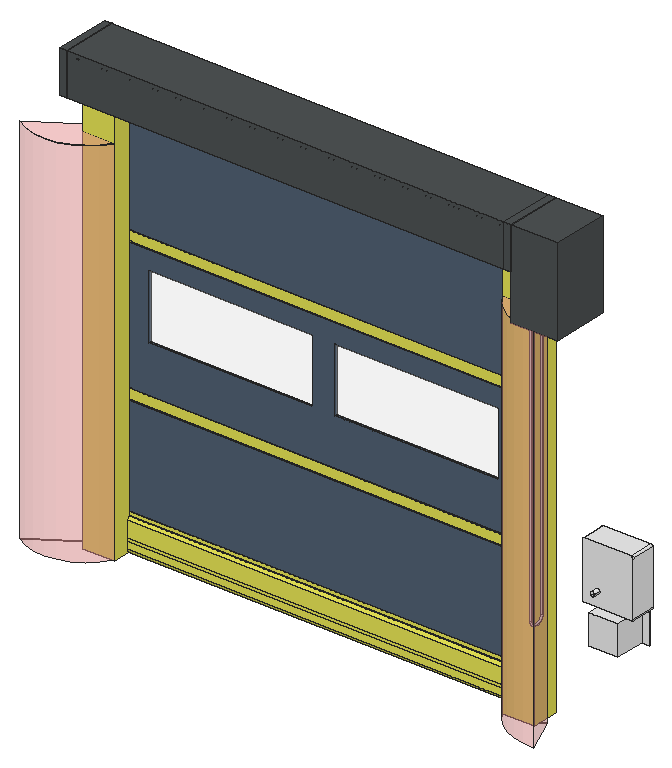
Revit family "Doors_Industrial_Wayne-Dalton_Heaviest-Fabric-High-Speed-Door-Model-884-ADV-Xtreme_", category Specialty Equipment, host Wall, Revit 2019
Family settings
  Host = Wall
  Round Connector Dimension = Use Diameter
  Part Type = Normal
  OmniClass Number = 23.30.10.21.34
  OmniClass Title = Industrial Doors
  Always vertical = Yes
  Cut with Voids When Loaded = No
  Shared = No
  Room Calculation Point = No
Parameters (values of type "208 volts, three phase, 60 Hz (190-207 V range)")
  Vision Panels [instance] = yes
  True Width [instance] = [Door Width (Real)]  # 120"
  True Height [instance] = [Door Height (Real)] + 9 1/2"  # 129 1/2"
  Three Phase Controller [instance] = not(One Phase Controller)  # yes
  Rough Width [instance] = [Door Width (Real)]  # 120"
  Rough Height [instance] = [Door Height (Real)] - 4 1/2"  # 115 1/2"
  Product Page URL = "https://www.wayne-dalton.com/high-speed-exterior-heavy-duty-fabric-door-884"
  Powder Coat (Note) = "Standard color for guides and bottom bar is yellow. Approximately 200 optional RAL powder coat colors are also available."  # constant formula
  Panel Material [instance] = PVC - Wayne Dalton - Blue (Exterior)
  One Phase Controller [instance] = if(Number of Poles = 1, 1 = 1, 1 = 2)  # no
  Motor Cover [instance] = yes
  Hood Type [instance] = if(or(Hood Option < 1, Hood Option = 1), "Standard", "Sloped")  # "Standard"
  Hood Option [instance] = 1
  Hood Material = Metal - Wayne Dalton - Black
  Headroom Type [instance] = if(or(Headroom Option < 1, Headroom Option = 1), "Standard 13 Headplate”", if(Headroom Option = 2, "Standard 16” Headplate", if(Headroom Option = 3, "Sloped Hood 13” Headplate", "Sloped Hood 16” Headplate")))  # "Standard 13 Headplate”"
  Headroom Height [instance] = if(or(Headroom Option < 1, Headroom Option = 1), 27", if(Headroom Option = 2, 30", if(Headroom Option = 3, 32 3/4", 35 3/4")))  # 27"
  Headroom Option [instance] = if(or([Door Height (Real)] < 168", [Door Height (Real)] = 168"), if(or(Hood Option = 1, Hood Option < 1), 1, 3), if(or(Hood Option = 1, Hood Option < 1), 2, 4))  # 1
  External Transformer = if(or(Voltage = 208 V, Voltage = 575 V), 1 = 1, 1 = 2)  # yes
  Door Width (Real) [instance] = if(Door Width > Max Door Width, Max Door Width, if(Door Width < Min Door Width, Min Door Width, Door Width))  # 120"
  Door Height (Real) [instance] = if(Door Height > Max Door Height, Max Door Height, if(Door Height < Min Door Height, Min Door Height, Door Height))  # 120"
  Voltage = 208 V
  URL = "https://www.wayne-dalton.com/"
  Product data url = "https://www.bimobject.com/wayne-dalton/product/high-speed-exterior-heavy-duty-fabric-door-884"
  Product Guid = "e0cc1017-fcd7-4300-b6a1-f95f081ec97a"
  Power Factor = 1
  Number of Poles = 3
  Model = "884"  # constant formula
  Min Door Width [instance] = 48"  # constant formula
  Min Door Height [instance] = 72"  # constant formula
  Max Door Width [instance] = 288"  # constant formula
  Max Door Height [instance] = 240"  # constant formula
  Manufacturer = "Wayne Dalton"  # constant formula
  Frequency = 60 Hz  # constant formula
  Wall Closure = By host
  Floor To (CL) of Shaft [instance] = [Door Height (Real)] + Headroom Height - if(or(Headroom Option = 1, Headroom Option < 1, Headroom Option = 3), 6 1/2", 8") - if(or(Headroom Option < 1, Headroom Option = 1, Headroom Option = 2), 0", if(or(Headroom Option > 2, Headroom Option = 3), 5 3/4", 5 3/4"))  # 140 1/2"
  Connector Description = "Rapidflex Large Control Panel"  # constant formula
  Finish Material = Finish - Wayne Dalton - Yellow
  Door Width [instance] = 120"
  Door Height [instance] = 120"
  Description = "The heaviest fabric door in the ADV-Xtreme series, Model 884 ADV-Xtreme is designed for exterior applications where weather elements may be extreme. The patent-pending articulating roller wind strut reduces noise and allows the door to operate under wind load. This door’s strutted design allows for quick section replacement, while reducing curtain deflection under pressure. This door is capable of withstanding pressure of up to 22.0 psf. Model 884 ADV-Xtreme is also designed to be low maintenance and includes such features as breakaway impact detection and push button self-repair, along with plug and play wiring."  # constant formula
  Current = 20 A
  Clearance [instance] = yes
  Backroom Depth [instance] = if(or(Headroom Option = 1, Headroom Option < 1, Headroom Option = 3), 17 1/4", 20 1/4")  # 17 1/4"
  Apparent Load Phase 3 = if(Number of Poles = 1, 0 VA, (Voltage * Current * sqrt(3)) / 3)  # 2401.78 VA
  Apparent Load Phase 2 = if(Number of Poles = 1, 0 VA, (Voltage * Current * sqrt(3)) / 3)  # 2401.78 VA
  Apparent Load Phase 1 = if(Number of Poles = 1, Voltage * Current, (Voltage * Current * sqrt(3)) / 3)  # 2401.78 VA
Reference planes (in)
  plane 1 "Center (Front/Back)": y = 0
  plane 2 "Center (Left/Right)": x = 0
  plane 3 "Left": x = -60
  plane 4 "Right": x = 60
  plane 5 "Exterior": y = 3.00375
  plane 6 "Interior": y = -2.99625
  plane 7: x = 60
  plane 8: x = -60
  plane 9: z = 115.5
  plane 10 "Main": y = -7.11344
  plane 11: y = -20.24625
  plane 12 "Main Door Block": y = -2.99625
  plane 13: z = 47.47
  plane 14: y = -5.16813
  plane 15: z = 120
  plane 16: y = -4.83581
Lines and regions (in)
  Opening 1
    outline origin (-90, -2.99625, 0) x (1, 0, 0) y (0, 0, 1)
      loop
        line (30, 0) -> (150, 0) -> (150, 115.5) -> (30, 115.5) -> (30, 0)
Text (in)
  text "Exterior" at (-74.96733, -28.80968, 0), in view "Ref. Level"
  text "Interior" at (-74.96733, 17.85206, 0), in view "Ref. Level"
  text "Exterior" at (0, 40.15149, 123.01588), in view "Right"
  text "Interior" at (0, -64.39139, 123.01588), in view "Right"
  text "Interior" at (0, -31.01599, 123.00693), in view "Left"
  text "Exterior" at (0, 54.57065, 123.00693), in view "Left"
Dimensions and locks (in)
  equal spacing: plane 3 "Left", plane 2 "Center (Left/Right)", plane 4 "Right"
  "Door Width (Real)": plane 3 "Left" to plane 4 "Right"
  level to host wall = 459.59655"
  equal spacing: plane 8, plane 2 "Center (Left/Right)", plane 7
  "Rough Width": plane 7 to plane 8
  "Backroom Depth": plane 6 "Interior" to plane 11
  plane 9 to level = 115 1/2"
  locked: plane 12 "Main Door Block" to plane 10 "Main" at 4.11719
  plane 1 "Center (Front/Back)" to plane 6 "Interior" = 2.99625"
  locked: plane 14 to plane 6 "Interior" at 2.17187
  locked: plane 15 to plane 9 at 4.5
  "Door Height (Real)": plane 15 to level
  locked: plane 14 to plane 16 at 0.33231
  aligned and locked: Opening 1 sketch curve to level
  aligned and locked: plane 5 "Exterior" to host wall
  aligned and locked: host wall to plane 6 "Interior"
  aligned and locked: plane 8 to Opening 1 sketch curve
  aligned and locked: plane 7 to Opening 1 sketch curve
  aligned and locked: plane 12 "Main Door Block" to plane 6 "Interior"
  aligned and locked: plane 12 "Main Door Block" to nested 1
  aligned and locked: nested 1 to plane 2 "Center (Left/Right)"
  aligned and locked: level to nested 1
  aligned and locked: Opening 1 sketch curve to plane 9
  aligned and locked: plane 2 "Center (Left/Right)" to nested 2
Nested families (in)
  nested 1: "Lifts" at (0, -2.99625, 0) x (-1, 0, 0) z (0, 0, 1), Motor Cover <- "Motor Cover", One Phase Controller <- "One Phase Controller", Three Phase Controller <- "Three Phase Controller", Header Option <- "Headroom Option", type "Frame Unit"
    with Three Phase Controller yes, Standard Motor Housing yes, Standard Headroom with Break Cover no, Standard Headroom Hood yes, Sloped Motor Housing no, Sloped Headroom Hood no, Shaft Length 11.19", Rod 2 no, Right Motor Position yes, One Phase Controller no, Offset Shaft 8 5/8", Motor Cover Off no, Motor Cover yes, Masking Region Right Motor Three Phase yes, Masking Region Right Motor no, Headroom Offset 0", Header Option 1, Header Height 13", Guid Option 1, Floor To CL Shaft 136", Electric Operator Position 183.64"
  nested 2: "Panel" at (0, -4.83581, 0), type "Panel"
Connectors (in)
  electrical at (91.82, -10.53625, 48), driven by "Number of Poles", driven by "Voltage", driven by "Apparent Load Phase 1", driven by "Power Factor", driven by "Connector Description", driven by "Apparent Load Phase 2", driven by "Apparent Load Phase 3"
    settings: on nested 1, index 2, voltage 208 V, apparent load 0 VA, apparent load phase1 2401.78 VA, apparent load phase2 2401.78 VA, apparent load phase3 2401.78 VA, power factor 1, load classification "Other", number of poles 3, system type 31, power factor state 1, is connector primary yes, connector utility no, sub classification motor no, connector description "Rapidflex Large Control Panel"
Definition of nested family "Lifts"
  Parameters (values of type "Frame Unit")
    Three Phase Controller [instance] = no
    Standard Motor Housing [instance] = if(and(Motor Cover, or(Header Option < 1, Header Option = 1, Header Option = 2)), 1 = 1, 1 = 2)  # yes
    Standard Headroom with Break Cover [instance] = if(and(Hood Option, Header Option = 2), 1 = 1, 1 = 2)  # yes
    Standard Headroom Hood [instance] = if(and(Hood Option, or(Header Option < 1, Header Option = 1, Header Option = 2)), 1 = 1, 1 = 2)  # yes
    Spool Radius = 4 1/2"
    Sloped Motor Housing [instance] = if(and(Motor Cover, or(Header Option > 3, Header Option = 3)), 1 = 1, 1 = 2)  # no
    Sloped Headroom Hood [instance] = if(and(Hood Option, or(Header Option > 3, Header Option = 3)), 1 = 1, 1 = 2)  # no
    Shaft Material = none
    Shaft Length [instance] = 11.19"  # constant formula
    Rod 2 [instance] = if(and(not(Motor Cover), Right Motor Position), 1 = 1, 1 = 2)  # no
    Right Motor Position [instance] = yes
    Opening Width = 120"
    One Phase Controller [instance] = yes
    Offset Shaft [instance] = if(or(Header Option = 1, Header Option < 1, Header Option = 3), 17 1/4", 20 1/4") / 2  # 10 1/8"
    Naked Header = not(Hood Option)  # no
    Motor Cover Off [instance] = not(Motor Cover)  # no
    Motor Cover [instance] = yes
    Masking Region Right Motor Three Phase [instance] = if(and(Right Motor Position, Three Phase Controller), 1 = 1, 1 = 2)  # no
    Masking Region Right Motor [instance] = if(and(Right Motor Position, Motor Cover Off), 1 = 1, 1 = 2)  # no
    Hood Option = yes
    Hood Offset (Real) = 4 1/2"
    Hood Material = none
    Headroom Offset [instance] = if(or(Header Option < 1, Header Option = 1, Header Option = 2), 0", if(or(Header Option > 2, Header Option = 3), 5 3/4", 5 3/4"))  # 0"
    Headroom Height = 27"
    Header Width = 17 1/4"
    Header Option [instance] = 2
    Header Height [instance] = if(or(Header Option = 1, Header Option < 1, Header Option = 3), 13", 16")  # 16"
    Guid Width = 9 11/16"
    Guid Option [instance] = 1
    Floor To CL Shaft [instance] = Opening Height + Headroom Height - Header Height / 2 - Headroom Offset  # 134 1/2"
    External Transformer = yes
    Electric Operator Position [instance] = if(Right Motor Position, (31.82" * 2 + Opening Width), 0")  # 183.64"
    Clearance = yes
    Opening Height = 115 1/2"
    Finish Material = none
    Bottom Bar = yes
    Analytic Construction = "<None>"
  Reference planes (in)
    plane 1 "Center (Front/Back)": y = 0
    plane 2: z = 0
    plane 3 "Center (Left/Right)": x = 0
    plane 4 "Left": x = -60
    plane 5 "Right": x = 60
    plane 6 "Center Line of Shaft": z = 134.5
    plane 7 "Headroom Top": z = 142.5
    plane 8 "Opening Height": z = 115.5
    plane 9: x = -81.5
    plane 10 "Shaft": x = -75.54413
    plane 11 "Box": x = -91.82
    plane 12 "EBOX": z = 48
    plane 13: z = 39.09375
    plane 14: z = 56.90625
    plane 15: z = 43.5
    plane 16: y = 7.54
    plane 17: z = 126.5
    plane 18: y = 17.25
    plane 19: x = 71.19
    plane 20: x = 69.6875
    plane 21: x = -69.6875
    plane 22: x = -84.07
    plane 23: x = -99.57
    plane 24: y = 5.75
    plane 25: y = 2.17
    plane 26 "Center L/MM": x = 91.82
    plane 27 "1": z = 45.56
    plane 28 "Sloped motor LH": x = -71.125
    plane 29 "Sloped motor RH": x = 71.125
    plane 30: y = 5.75
    plane 31: y = 3.27
    plane 32: y = 1.07
    plane 33 "Headroom Offset": z = 142.5
    plane 34 "Offset Shaft": y = 10.125
  Forms (in)
    Extrusion 1, solid, material <- "Shaft Material"
      sketch origin (0, 0, 0) x (0, 1, 0) y (0, 0, 1)
        loop
          circle (10.125, 134.5) r 0.78
      from -81.5 to 71.19
    Extrusion 2, solid, visible <- "Three Phase Controller"
      sketch origin (-1.95651, 0, 0) x (1, 0, 0) y (0, 0, 1)
        loop
          line (-82.61349, 56.90625) -> (-97.11349, 56.90625)
          arc (-97.11349, 56.90625) -> (-97.46704, 56.7598) -> (-97.61349, 56.40625) r 0.5
          line (-97.61349, 56.40625) -> (-97.61349, 39.59375)
          arc (-97.61349, 39.59375) -> (-97.46704, 39.2402) -> (-97.11349, 39.09375) r 0.5
          line (-97.11349, 39.09375) -> (-82.61349, 39.09375)
          arc (-82.61349, 39.09375) -> (-82.25993, 39.2402) -> (-82.11349, 39.59375) r 0.5
          line (-82.11349, 39.59375) -> (-82.11349, 56.40625)
          arc (-82.11349, 56.40625) -> (-82.25993, 56.7598) -> (-82.61349, 56.90625) r 0.5
      from -7.54 to 0
    Revolve 3, solid, visible <- "Three Phase Controller"
      sketch origin (-55.03203, -180, 43.5) x (-1, 0, 0) y (0, -1, 0)
        loop
          line (33.42797, -187.54) -> (32.67797, -187.54) -> (32.82797, -189.312) -> (33.42797, -189.312) -> (33.42797, -187.54)
        axis (33.42797, -187.54) -> (33.42797, -189.312)
      angle from 0 to 360
    Extrusion 4, solid, material <- "Finish Material"
      sketch origin (0, 0, 0) x (1, 0, 0) y (0, 1, 0)
        loop
          line (-69.6875, 0) -> (-60, 0) -> (-60, 8.25) -> (-69.6875, 8.25) -> (-69.6875, 0)
        loop
          line (69.6875, 0) -> (69.6875, 8.25) -> (60, 8.25) -> (60, 0) -> (69.6875, 0)
      from 0 to 120.216
    Extrusion 5, solid, material <- "Hood Material", visible <- "Standard Headroom Hood"
      sketch origin (0, 0, 0) x (0, 1, 0) y (0, 0, 1)
        loop
          line (0, 126.5) -> (17.25, 126.5) -> (17.25, 142.5) -> (0, 142.5) -> (0, 126.5)
      from -69.6875 to 69.6875
    Sweep 6, solid, material <- "Hood Material"
      path origin (0, 0, 0) x (0, 1, 0) y (0, 0, 1)
        loop
          line (0, 126.5) -> (17.25, 126.5) -> (17.25, 142.5) -> (0, 142.5) -> (0, 126.5)
      profile origin (0, 0, 134.5) x (0, -1, 0) y (1, 0, 0)
        loop
          line (0, -69.6875) -> (0, -67.4875) -> (-0.5, -67.4875) -> (-0.5, -69.6875) -> (0, -69.6875)
        loop
          line (0, 69.6875) -> (-0.5, 69.6875) -> (-0.5, 67.48895) -> (0, 67.48895) -> (0, 69.6875)
    Extrusion 7, solid, material <- "Hood Material"
      sketch origin (0, 0, 0) x (1, 0, 0) y (0, 1, 0)
        loop
          line (69.6875, 0) -> (69.6875, 17.25) -> (69.1825, 17.25) -> (69.1825, 0) -> (69.6875, 0)
        loop
          line (-69.6875, 0) -> (-69.1825, 0) -> (-69.1825, 17.25) -> (-69.6875, 17.25) -> (-69.6875, 0)
      from 126.5 to 142.5
    Extrusion 8, solid, material <- "Hood Material"
      sketch origin (-60, -60, 48) x (0, -1, 0) y (0, 0, 1)
        loop
          circle (-70.125, 86.5) r 4.5
      from 8.93269 to 7.75704
    Extrusion 9, solid, visible <- "External Transformer"
      sketch origin (0, 0, 48) x (1, 0, 0) y (0, 1, 0)
        loop
          line (-98.695, 0) -> (-84.945, 0) -> (-84.945, 0.125) -> (-87.32, 0.125) -> (-87.32, 9.3125) -> (-96.32, 9.3125) -> (-96.32, 0.125) -> (-98.695, 0.125) -> (-98.695, 0)
      from -19.13 to -10
    Extrusion 10, solid, material <- "Finish Material"
      sketch origin (0, 0, 0) x (0, 1, 0) y (0, 0, 1)
        loop
          line (3.27, 3.62918) -> (3.61089, 3.62918) -> (3.61089, 4.3977) -> (3.48561, 4.3977) -> (3.48561, 9.20261) -> (2.85416, 10.28483) -> (2.52778, 10.28483) -> (2.52778, 11.5) -> (2.2509, 11.5) -> (2.2509, 10.13793) -> (2.36994, 10.01889) -> (2.68126, 10.01889) -> (2.86559, 9.70296) -> (2.86559, 9.26793) -> (1.81222, 9.26793) -> (1.81222, 9.76793) -> (1.31222, 9.76793) -> (1.31222, 9.90218) -> (2.0891, 10.13793) -> (2.0891, 11.5) -> (1.81222, 11.5) -> (1.81222, 10.28483) -> (0.85439, 10.02818) -> (0.85439, 4.3977) -> (0.72911, 4.3977) -> (0.72911, 3.62918) -> (1.07, 3.62918) -> (1.07, 1.1)
          arc (1.07, 1.1) -> (1.39218, 0.32218) -> (2.17, 0) r 1.1
          arc (2.17, 0) -> (2.94782, 0.32218) -> (3.27, 1.1) r 1.1
          line (3.27, 1.1) -> (3.27, 3.62918)
      from -60 to 60
    Extrusion 11, solid, material <- "Hood Material"
      sketch origin (60, -60, 48) x (0, -1, 0) y (0, 0, -1)
        loop
          circle (-70.125, -86.5) r 4.5
      from 8.93269 to 7.75704
    Extrusion 12, solid, material <- "Hood Material", visible <- "Sloped Headroom Hood"
      sketch origin (0, 0.784, 29.19) x (0, 1, 0) y (0, 0, 1)
        loop
          line (16.466, 97.31) -> (16.466, 113.31) -> (-0.784, 119.06) -> (-0.784, 97.31) -> (16.466, 97.31)
        loop
          line (15.966, 112.81) -> (-0.284, 112.81) -> (-0.284, 97.81) -> (15.966, 97.81) -> (15.966, 112.81)
      from -69.6875 to 69.6875
    Extrusion 13, solid, material <- "Hood Material"
      sketch origin (0, 0, 0) x (1, 0, 0) y (0, 0, 1)
        loop
          arc (69.6875, 125.98269) -> (69.53598, 126.34848) -> (69.17019, 126.5) r 0.51731
          line (69.17019, 126.5) -> (63.1875, 126.5) -> (63.1875, 126.297) -> (69.1805, 126.297)
          arc (69.1805, 126.297) -> (69.39546, 126.20796) -> (69.4845, 125.993) r 0.304
          line (69.4845, 125.993) -> (69.4845, 120.216) -> (69.6875, 120.216) -> (69.6875, 125.98269)
        loop
          line (-69.6875, 125.98269) -> (-69.6875, 120.216) -> (-69.4845, 120.216) -> (-69.4845, 125.993)
          arc (-69.4845, 125.993) -> (-69.39546, 126.20796) -> (-69.1805, 126.297) r 0.304
          line (-69.1805, 126.297) -> (-63.1845, 126.297) -> (-63.1845, 126.5) -> (-69.17019, 126.5)
          arc (-69.17019, 126.5) -> (-69.53598, 126.34848) -> (-69.6875, 125.98269) r 0.51731
      from -13.99 to 0
    Extrusion 14, void
      sketch origin (0, 0, 0) x (0, 1, 0) y (0, 0, 1)
        loop
          line (8.108, 120.216) -> (13.99, 120.216) -> (13.99, 124.872) -> (8.108, 120.216)
      from -69.6875 to 69.6875
    Extrusion 15, solid, visible <- "Clearance"
      sketch origin (0, 0, 0) x (1, 0, 0) y (0, 1, 0)
        loop
          arc (-60, 8.25) -> (-66.95898, 15.05029) -> (-76.5075, 16.92037) r 17
          line (-76.5075, 16.92037) -> (-71.65539, 5.48952) -> (-69.6875, 6.58034) -> (-69.6875, 8.25) -> (-60, 8.25)
        loop
          line (60, 8.25) -> (69.6875, 8.25) -> (69.6875, 6.58034) -> (71.65539, 5.48952) -> (84.62221, 13.92037)
          arc (84.62221, 13.92037) -> (71.04882, 16.56637) -> (60, 8.25) r 17
      from 0 to 115.5
    Extrusion 16, solid, material <- "Hood Material"
      sketch origin (0, 0, 0) x (1, 0, 0) y (0, 0, 1)
        loop
          line (63.4375, 126.5) -> (63.4375, 120.216) -> (69.6875, 120.216) -> (69.6875, 126.5) -> (63.4375, 126.5)
        loop
          line (-63.4375, 126.5) -> (-69.6875, 126.5) -> (-69.6875, 120.216) -> (-63.4375, 120.216) -> (-63.4375, 126.5)
      from -0.3 to 0
  Cuts and joins
    joined: Sweep 6, Extrusion 7
    Extrusion 14 cuts Extrusion 13
    joined: Extrusion 13, Extrusion 16
  Lines and regions (in)
    Masking region 1, visible <- "Three Phase Controller"
      outline origin (0, 0.04, 0) x (1, 0, 0) y (0, 1, 0)
        loop
          line (-99.57, -0.04) -> (-84.07, -0.04) -> (-84.07, 7.5) -> (-99.57, 7.5) -> (-99.57, -0.04)
    Masking region 2, visible <- "Masking Region Right Motor Three Phase"
      outline origin (0, 0, 0) x (1, 0, 0) y (0, 1, 0)
        loop
          line (-87.71, 7.54) -> (-87.86, 9.312) -> (-89.06, 9.312) -> (-89.21, 7.54) -> (-87.71, 7.54)
    Masking region 3, visible <- "External Transformer"
      outline origin (0, 0, 0) x (1, 0, 0) y (0, 1, 0)
        loop
          line (-96.32, 7.54) -> (-87.32, 7.54) -> (-87.32, 9.3125) -> (-96.32, 9.3125) -> (-96.32, 7.54)
    Masking region 4, not visible
      outline origin (-205.48831, -8.75, 0) x (0, 1, 0) y (-1, 0, 0)
        loop
          line (16.29, -109.56871) -> (16.29, -111.06871) -> (18.0625, -110.91866) -> (18.0625, -109.71875) -> (16.29, -109.56871)
    Masking region 5, visible <- "Hood Option"
      outline origin (0, 0, 0) x (1, 0, 0) y (0, 1, 0)
        loop
          line (-69.6875, 17.25) -> (-69.6875, 0) -> (69.6875, 0) -> (69.6875, 17.25) -> (-69.6875, 17.25)
    Masking region 6, visible <- "Right Motor Position"
      outline origin (0, 0, 0) x (1, 0, 0) y (0, 1, 0)
        loop
          line (69.6875, 10.905) -> (69.6875, 9.345) -> (71.19, 9.345) -> (71.19, 10.905) -> (69.6875, 10.905)
    Masking region 7, visible <- "Rod 2"
      outline origin (0, 0, 0) x (0, 1, 0) y (-1, 0, 0)
        loop
          line (10.905, 81.5) -> (9.345, 81.5) -> (9.345, 77.38281) -> (10.905, 77.38281) -> (10.905, 81.5)
        loop
          line (10.905, 69.6875) -> (10.905, 71.61719) -> (9.69406, 71.61719) -> (9.69406, 72.84375) -> (10.905, 72.84375) -> (10.905, 73.45031) -> (9.345, 73.45031) -> (9.345, 69.6875) -> (10.905, 69.6875)
    symbolic lines, not visible
      curve 1: line (-67.4875, 7.78111, 0) -> (-67.4875, 6.21995, 0)
      curve 2: line (67.48895, 7.78111, 0) -> (67.48895, 5.875, 0)
      curve 3: line (60, 1.09992, 0) -> (60, 0, 0)
    symbolic lines
      curve 4: line (-67.4875, 17.25, 0) -> (-67.4875, 0, 0)
      curve 5: line (67.48895, 17.25, 0) -> (67.48895, 0, 0)
  Dimensions and locks (in)
    equal spacing: plane 4 "Left", plane 3 "Center (Left/Right)", plane 5 "Right"
    "Opening Width": plane 4 "Left" to plane 5 "Right"
    "Header Height": plane 7 "Headroom Top" to plane 17
    "Opening Height": plane 8 "Opening Height" to level
    locked: level to plane 12 "EBOX" at 48
    locked: plane 11 "Box" to Revolve 3 sketch curve at 3.36
    equal spacing: plane 14, plane 12 "EBOX", plane 13
    locked: plane 12 "EBOX" to plane 15 at 4.5
    locked: plane 13 to plane 14 at 17.8125
    locked: plane 10 "Shaft" to plane 4 "Left" at 15.54413
    plane 11 "Box" to plane 10 "Shaft" = 16.27587"
    locked: plane 16 to plane 1 "Center (Front/Back)" at 7.54
    locked: Revolve 3 sketch curve to Revolve 3 sketch curve at 0.6
    locked: Revolve 3 sketch curve to Revolve 3 sketch curve at 0.75
    locked: plane 16 to Revolve 3 sketch curve at 1.772
    "Guid Width": Extrusion 4 sketch curve to plane 4 "Left"
    locked: plane 1 "Center (Front/Back)" to Extrusion 4 sketch curve at 8.25
    "Header Width": plane 1 "Center (Front/Back)" to Extrusion 5 sketch curve
    Extrusion 5 to plane 4 "Left" = 9 11/16"
    plane 5 "Right" to Extrusion 5 = 9 11/16"
    "Header Width": plane 1 "Center (Front/Back)" to Sweep 6 sketch curve
    "Header Width": plane 1 "Center (Front/Back)" to Extrusion 7 sketch curve  (x2)
    "Header Width": plane 1 "Center (Front/Back)" to plane 18
    plane 21 to nested 1 = 5.729"
    "Guid Width": plane 4 "Left" to plane 21
    "Guid Width": plane 5 "Right" to plane 20
    locked: Extrusion 7 sketch curve to plane 20 at 0.505
    locked: plane 21 to Extrusion 7 sketch curve at 0.505
    locked: plane 11 "Box" to plane 23 at 7.75
    locked: plane 22 to plane 11 "Box" at 7.75
    locked: plane 1 "Center (Front/Back)" to Extrusion 9 sketch curve at 0.125
    locked: plane 11 "Box" to Extrusion 9 sketch curve at 4.5
    locked: Extrusion 9 sketch curve to plane 11 "Box" at 4.5
    locked: Extrusion 9 sketch curve to plane 11 "Box" at 6.875
    locked: plane 11 "Box" to Extrusion 9 sketch curve at 6.875
    plane 1 "Center (Front/Back)" to Extrusion 9 sketch curve = 9 5/16"
    locked: Extrusion 4 sketch curve to Extrusion 4 sketch curve at 8.25
    "Guid Width": Extrusion 4 sketch curve to Extrusion 4 sketch curve
    plane 20 to plane 21 = 139 3/8"
    locked: cut or joined group of Sweep 6, Extrusion 7 to Sweep 6 sketch curve at 0.5
    locked: plane 1 "Center (Front/Back)" to plane 25 at 2.17
    "Electric Operator Position": plane 11 "Box" to plane 26 "Center L/MM"
    equal spacing: Masking region 1 sketch curve, plane 11 "Box", Masking region 1 sketch curve
    locked: Masking region 1 sketch curve to Masking region 1 sketch curve at 15.5
    "Floor To CL Shaft": plane 6 "Center Line of Shaft" to plane 2
    plane 8 "Opening Height" to level = 115 1/2"
    locked: plane 12 "EBOX" to plane 27 "1" at 2.44
    equal spacing: plane 29 "Sloped motor RH", plane 3 "Center (Left/Right)", plane 28 "Sloped motor LH"
    locked: plane 4 "Left" to plane 28 "Sloped motor LH" at 11.125
    "Shaft Length": plane 5 "Right" to plane 19
    locked: plane 9 to plane 4 "Left" at 21.5
    locked: plane 20 to plane 26 "Center L/MM" at 22.1325
    plane 5 "Right" to plane 26 "Center L/MM" = 31.82"
    locked: plane 21 to Sweep 6 sketch curve at 2.2
    locked: Sweep 6 sketch curve to plane 20 at 2.19855
    locked: Extrusion 11 to plane 20 at 0.75481
    locked: plane 21 to Extrusion 8 at 0.75481
    locked: Extrusion 8 to Extrusion 8 at 1.17565
    locked: Extrusion 11 to Extrusion 11 at 1.17565
    locked: Extrusion 12 sketch curve to cut or joined group of Sweep 6, Extrusion 7 at 0.5
    locked: Extrusion 10 sketch curve to level at 11.5
    locked: Extrusion 10 sketch curve to Extrusion 10 sketch curve at 2.88179
    equal spacing: plane 31, plane 25, plane 32
    locked: Extrusion 10 sketch curve to Extrusion 10 sketch curve at 2.63122
    equal spacing: Extrusion 10 sketch curve, plane 25, Extrusion 10 sketch curve
    locked: Extrusion 10 sketch curve to level at 3.62918
    locked: Extrusion 10 sketch curve to level at 4.3977
    locked: Extrusion 10 sketch curve to Extrusion 10 sketch curve at 1.21517
    locked: plane 17 to Extrusion 13 sketch curve at 6.284  (x2)
    locked: plane 20 to Extrusion 13 sketch curve at 0.203
    locked: plane 17 to Extrusion 13 sketch curve at 0.203  (x2)
    plane 20 to Extrusion 13 sketch curve = 6 1/2"
    locked: Extrusion 13 sketch curve to plane 21 at 0.203
    locked: plane 17 to Extrusion 4 at 6.284  (x2)
    locked: Extrusion 13 to plane 1 "Center (Front/Back)" at 13.99
    locked: Extrusion 14 sketch curve to Extrusion 13 at 8.108
    locked: plane 17 to Extrusion 14 sketch curve at 1.628
    locked: Extrusion 14 sketch curve to Extrusion 14 sketch curve at 4.656
    locked: Extrusion 14 sketch curve to Extrusion 14 sketch curve at 5.882
    locked: Extrusion 12 sketch curve to plane 7 "Headroom Top" at 5.75
    plane 17 to plane 8 "Opening Height" = 11"
    locked: plane 1 "Center (Front/Back)" to Extrusion 15 sketch curve at 17  (x2)
    "Headroom Offset": plane 33 "Headroom Offset" to plane 7 "Headroom Top"
    "Headroom Height": plane 33 "Headroom Offset" to plane 8 "Opening Height"
    locked: Extrusion 13 sketch curve to plane 21 at 6.503
    locked: cut or joined group of Extrusion 13, Extrusion 14, Extrusion 16 to cut or joined group of Extrusion 13, Extrusion 14, Extrusion 16 at 0.203
    locked: cut or joined group of Extrusion 13, Extrusion 14, Extrusion 16 to Extrusion 16 sketch curve at 6.25
    cut or joined group of Extrusion 13, Extrusion 14, Extrusion 16 to Extrusion 4 = 6.284"
    locked: Extrusion 16 sketch curve to Extrusion 16 sketch curve at 6.284  (x2)
    locked: Extrusion 16 sketch curve to Extrusion 16 sketch curve at 6.25
    "Offset Shaft": plane 34 "Offset Shaft" to plane 1 "Center (Front/Back)"
    locked: Masking region 6 sketch curve to Masking region 6 sketch curve at 1.56
    equal spacing: Masking region 6 sketch curve, plane 34 "Offset Shaft", Masking region 6 sketch curve
    locked: Extrusion 9 to Masking region 4 sketch curve at 0.4004
    locked: Masking region 7 sketch curve to Masking region 7 sketch curve at 1.22656
    locked: plane 9 to Masking region 7 sketch curve at 4.11719
    locked: Masking region 7 sketch curve to plane 21 at 3.76281
    locked: Masking region 7 sketch curve to plane 21 at 1.92969
    locked: Extrusion 1 sketch curve to Extrusion 1 sketch curve (radius 0.78")
    "Spool Radius": radius of Extrusion 8 sketch curve
    "Spool Radius": radius of Extrusion 11 sketch curve
    radius of Extrusion 15 sketch curve = 17"  (x2)
    locked: Revolve 3 to Masking region 2 sketch curve (angle 85.1614°)
    locked: Masking region 2 sketch curve to Revolve 3 (angle 85.1614°)
    locked: Extrusion 2 to Masking region 4 sketch curve (angle 85.1614°)
    locked: Masking region 4 sketch curve to Extrusion 2 (angle 85.1614°)
    aligned and locked: plane 2 to level
    aligned and locked: plane 9 to Extrusion 1
    aligned and locked: Extrusion 2 to plane 1 "Center (Front/Back)"
    aligned and locked: Extrusion 2 sketch curve to plane 13
    aligned and locked: plane 14 to Extrusion 2 sketch curve
    aligned and locked: Revolve 3 sketch curve to Revolve 3 sketch curve
    aligned and locked: Revolve 3 sketch curve to plane 16
    aligned and locked: plane 1 "Center (Front/Back)" to Extrusion 5 sketch curve
    aligned and locked: Extrusion 5 sketch curve to plane 7 "Headroom Top"
    aligned and locked: Extrusion 5 to plane 17
    aligned and locked: plane 17 to Extrusion 5 sketch curve
    aligned and locked: plane 1 "Center (Front/Back)" to Sweep 6 sketch curve
    aligned and locked: Sweep 6 sketch curve to plane 7 "Headroom Top"
    aligned and locked: Sweep 6 sketch curve to plane 17
    aligned and locked: profile plane to Sweep 6 sketch curve
    aligned and locked: Extrusion 7 sketch curve to plane 1 "Center (Front/Back)"  (x2)
    aligned and locked: plane 7 "Headroom Top" to Extrusion 7
    aligned and locked: Extrusion 7 to plane 17
    aligned and locked: Masking region 2 sketch curve to Revolve 3  (x2)
    aligned and locked: Extrusion 1 to plane 19
    aligned and locked: Extrusion 7 sketch curve to plane 21
    aligned and locked: Extrusion 7 sketch curve to plane 20
    aligned and locked: plane 22 to Extrusion 2 sketch curve
    aligned and locked: plane 23 to Extrusion 2 sketch curve
    aligned and locked: Extrusion 9 sketch curve to plane 1 "Center (Front/Back)"
    aligned and locked: Extrusion 9 sketch curve to Extrusion 9 sketch curve
    aligned and locked: Masking region 3 sketch curve to Extrusion 9  (x2)
    aligned and locked: Extrusion 9 to Masking region 3 sketch curve
    aligned and locked: plane 6 "Center Line of Shaft" to Extrusion 8 sketch curve
    aligned and locked: plane 6 "Center Line of Shaft" to Extrusion 1 sketch curve
    aligned and locked: Extrusion 4 sketch curve to plane 1 "Center (Front/Back)"  (x2)
    aligned and locked: plane 20 to Extrusion 4 sketch curve
    aligned and locked: cut or joined group of Sweep 6, Extrusion 7 to plane 18  (x2)
    aligned and locked: cut or joined group of Sweep 6, Extrusion 7 to plane 1 "Center (Front/Back)"
    aligned and locked: plane 1 "Center (Front/Back)" to cut or joined group of Sweep 6, Extrusion 7
    aligned and locked: plane 20 to cut or joined group of Sweep 6, Extrusion 7
    aligned and locked: Sweep 6 sketch curve to cut or joined group of Sweep 6, Extrusion 7
    aligned and locked: Extrusion 5 to plane 21
    aligned and locked: plane 20 to Extrusion 5
    aligned and locked: plane 7 "Headroom Top" to nested 1
    aligned and locked: nested 1 to plane 21
    aligned and locked: Extrusion 10 to plane 5 "Right"
    aligned and locked: plane 4 "Left" to Extrusion 10
    aligned and locked: plane 18 to Masking region 5 sketch curve
    aligned and locked: Masking region 5 sketch curve to plane 1 "Center (Front/Back)"
    aligned and locked: Masking region 5 sketch curve to plane 21
    aligned and locked: Masking region 5 sketch curve to plane 20
    aligned and locked: cut or joined group of Sweep 6, Extrusion 7 to curve 2
    aligned and locked: curve 1 to cut or joined group of Sweep 6, Extrusion 7
    aligned and locked: plane 21 to Sweep 6 sketch curve
    aligned and locked: Sweep 6 sketch curve to Sweep 6 sketch curve
    aligned and locked: plane 6 "Center Line of Shaft" to Extrusion 11 sketch curve
    aligned and locked: plane 19 to Masking region 6 sketch curve  (x2)
    aligned and locked: plane 20 to Masking region 6 sketch curve  (x2)
    aligned and locked: Extrusion 12 to plane 18
    aligned and locked: plane 1 "Center (Front/Back)" to Extrusion 12
    aligned and locked: Extrusion 12 to plane 21
    aligned and locked: plane 20 to Extrusion 12
    aligned and locked: Extrusion 10 sketch curve to Extrusion 10 sketch curve  (x3)
    aligned and locked: Extrusion 13 sketch curve to plane 20
    aligned and locked: Extrusion 13 sketch curve to plane 21
    aligned and locked: Extrusion 13 sketch curve to plane 17
    aligned and locked: plane 1 "Center (Front/Back)" to Extrusion 13
    aligned and locked: Extrusion 4 to level
    aligned and locked: plane 20 to Extrusion 14
    aligned and locked: Extrusion 14 to plane 21
    aligned and locked: Extrusion 15 sketch curve to Extrusion 4  (x2)
    aligned and locked: plane 4 "Left" to Extrusion 15 sketch curve
    aligned and locked: Extrusion 15 sketch curve to plane 21
    aligned and locked: plane 21 to Extrusion 15 sketch curve
    aligned and locked: plane 5 "Right" to Extrusion 15 sketch curve
    aligned and locked: Extrusion 15 sketch curve to plane 20
    aligned and locked: plane 20 to Extrusion 15 sketch curve
    aligned and locked: plane 8 "Opening Height" to Extrusion 15
    aligned and locked: Extrusion 15 to plane 2
    aligned and locked: Extrusion 16 sketch curve to plane 17
    aligned and locked: Extrusion 16 sketch curve to plane 20
    aligned and locked: plane 17 to Extrusion 16 sketch curve
    aligned and locked: Extrusion 16 sketch curve to plane 21
    aligned and locked: plane 1 "Center (Front/Back)" to Extrusion 16
    aligned and locked: plane 34 "Offset Shaft" to Extrusion 1 sketch curve
    aligned and locked: plane 34 "Offset Shaft" to Extrusion 11 sketch curve
    aligned and locked: plane 34 "Offset Shaft" to Extrusion 8 sketch curve
    aligned and locked: Masking region 4 to Extrusion 2
    aligned and locked: Extrusion 2 to Revolve 3
    aligned and locked: Extrusion 9 to Masking region 4
    aligned and locked: curve 4 to plane 1 "Center (Front/Back)"
    aligned and locked: plane 18 to cut or joined group of Sweep 6, Extrusion 7
    aligned and locked: plane 1 "Center (Front/Back)" to curve 5
    aligned and locked: plane 18 to curve 5
    aligned and locked: Masking region 1 to Extrusion 2
    aligned and locked: Masking region 1 to plane 1 "Center (Front/Back)"
  Automatic sketch dimensions
    Extrusion 2 sketch curve to Extrusion 2 sketch curve = 1/2"
    Extrusion 2 sketch curve to plane 14 = 1/2"
    Extrusion 2 sketch curve to plane 22 = 1/2"  (x2)
    Revolve 3 sketch curve to plane 18 = 7.38505"
    Revolve 3 sketch curve to plane 25 = 0.90036"
    Sweep 6 sketch curve to Sweep 6 sketch curve = 2.19855"
    Masking region 1 sketch curve to plane 1 "Center (Front/Back)" = 0"
    plane 34 "Offset Shaft" to Masking region 1 sketch curve = 2.585"
    plane 11 "Box" to Masking region 2 sketch curve = 2.61"
    Masking region 2 sketch curve to Masking region 2 sketch curve = 1.2"
    Masking region 3 sketch curve to Masking region 3 sketch curve = 1.7725"
    Extrusion 10 sketch curve to Extrusion 10 sketch curve = 0"  (x3)
    Extrusion 10 sketch curve to plane 32 = 0"
    Extrusion 10 sketch curve to plane 25 = 0"
    Extrusion 10 sketch curve to level = 0"
    plane 32 to Extrusion 10 sketch curve = 0.34089"
    Extrusion 10 sketch curve to plane 32 = 0.24222"
    plane 25 to Extrusion 10 sketch curve = 0.35778"  (x2)
    plane 25 to Extrusion 10 sketch curve = 0.0809"
    Extrusion 10 sketch curve to plane 25 = 0.0809"
    Extrusion 10 sketch curve to Extrusion 10 sketch curve = 0.11904"  (x2)
    Extrusion 10 sketch curve to Extrusion 10 sketch curve = 0.15784"
    Extrusion 10 sketch curve to Extrusion 10 sketch curve = 0.15348"
    Extrusion 10 sketch curve to Extrusion 10 sketch curve = 0.1729"
    plane 31 to Extrusion 10 sketch curve = 0.40441"
    Extrusion 10 sketch curve to Extrusion 10 sketch curve = 1.08222"
    Extrusion 10 sketch curve to Extrusion 10 sketch curve = 1.0169"
    Extrusion 10 sketch curve to Extrusion 10 sketch curve = 0.43503"
    Extrusion 10 sketch curve to Extrusion 10 sketch curve = 1/2"
    Extrusion 10 sketch curve to Extrusion 10 sketch curve = 0.13426"
    Extrusion 10 sketch curve to Extrusion 10 sketch curve = 0.26594"
    Extrusion 10 sketch curve to Extrusion 10 sketch curve = 0.126"
    Extrusion 10 sketch curve to Extrusion 10 sketch curve = 0.1469"
    plane 34 "Offset Shaft" to Masking region 4 sketch curve = 2.585"
    plane 34 "Offset Shaft" to Masking region 4 sketch curve = 13/16"
    Masking region 4 sketch curve to Masking region 4 sketch curve = 1.19992"
    Extrusion 12 sketch curve to plane 1 "Center (Front/Back)" = 0"
    Extrusion 12 sketch curve to plane 17 = 0"
    Extrusion 12 sketch curve to plane 18 = 0"
    Extrusion 12 sketch curve to plane 7 "Headroom Top" = 0"
    Extrusion 12 sketch curve to plane 1 "Center (Front/Back)" = 1/2"
    plane 18 to Extrusion 12 sketch curve = 1/2"
    Extrusion 12 sketch curve to plane 7 "Headroom Top" = 1/2"
    Extrusion 13 sketch curve to plane 17 = 0"
    Extrusion 13 sketch curve to Extrusion 13 sketch curve = 0.304"
    Extrusion 13 sketch curve to Extrusion 13 sketch curve = 0.01031"  (x2)
    Extrusion 13 sketch curve to plane 20 = 0.51731"
    plane 10 "Shaft" to Extrusion 15 sketch curve = 0.96337"
    Extrusion 15 sketch curve to plane 28 "Sloped motor LH" = 0.53039"
    plane 29 "Sloped motor RH" to Extrusion 15 sketch curve = 0.53039"
    plane 18 to Extrusion 15 sketch curve = 3.32963"
    Extrusion 15 sketch curve to plane 25 = 3.31952"  (x2)
    Extrusion 15 sketch curve to Extrusion 15 sketch curve = 1.66966"  (x2)
    Masking region 7 sketch curve to plane 21 = 0"
    Masking region 7 sketch curve to plane 9 = 0"
    plane 34 "Offset Shaft" to Masking region 7 sketch curve = 0.78"  (x2)
    Masking region 7 sketch curve to plane 34 "Offset Shaft" = 0.78"  (x3)
    plane 18 to curve 4 = 0"
    plane 1 "Center (Front/Back)" to curve 3 = 0"
    curve 3 to plane 5 "Right" = 0"
    plane 21 to curve 4 = 2.2"
    curve 5 to plane 20 = 2.19855"
    plane 25 to curve 3 = 1.07008"
    curve 2 to plane 25 = 3.705"
    plane 34 "Offset Shaft" to curve 1 = 3.90505"
    curve 1 to curve 1 = 1.56115"
    curve 2 to curve 2 = 1.90611"
    plane 34 "Offset Shaft" to Masking region 7 sketch curve = 0.43094"
    Extrusion 4 sketch curve to plane 4 "Left" = 0"
  Nested families (in)
    nested 1: "General Motor" at (-75.4165, 2.79167, 135.199), visible <- "Right Motor Position", Motor Cover <- "Motor Cover", Standard Motor Hausing <- "Standard Motor Housing", Sloped Motor Housing <- "Sloped Motor Housing", type "Family2"
      with Standard Motor Hausing yes, Sloped Motor Housing no, Motor Cover Off no, Motor Cover yes, Masking Region Motor Standard yes, Masking Region Motor Sloped no, Masking Region Motor Cover Of no
  Definition of nested family "General Motor"
    Parameters (values of type "Family2")
      Standard Motor Hausing [instance] = yes
      Sloped Motor Housing [instance] = yes
      Sloped Hood Width = if(Motor Option = 3, 17 1/2", if(or(Motor Option > 4, Motor Option = 4), 20 1/2", 20 1/2"))  # 20 1/2"
      Sloped Hood Heoght = if(Motor Option = 3, 32 3/4", if(or(Motor Option > 4, Motor Option = 4), 35 3/4", 35 3/4"))  # 35 3/4"
      Shaft Material = none
      Opening Height = 115 1/2"
      Offset Motor = if(or(Motor Option = 1, Motor Option < 1, Motor Option = 3), 7.33", 8.83")  # 8.83"
      Motor Width = if(or(Motor Option = 1, Motor Option < 1, Motor Option = 3), 17 1/4", 20 1/4")  # 20 1/4"
      Motor Option = 2
      Motor Height = if(or(Motor Option = 1, Motor Option < 1, Motor Option = 3), 27", 30")  # 30"
      Motor Cover Off [instance] = not(Motor Cover)  # no
      Motor Cover [instance] = yes
      Masking Region Motor Standard [instance] = if(or(Motor Option = 1, Motor Option < 1, Motor Option = 2), Motor Cover, 1 = 2)  # yes
      Masking Region Motor Sloped [instance] = if(or(Motor Option = 3, Motor Option = 4), Motor Cover, 1 = 2)  # no
      Masking Region Motor Cover Of [instance] = if(or(Masking Region Motor Standard, Masking Region Motor Sloped), 1 = 2, 1 = 1)  # no
      Hood Material = none
      Floor To Cl Shaft = 134 1/2"
      Finish Material = none
      Default Elevation = 48"
      Chain Length = CL of Shaft - 48" - 19.31"  # 67.19"
      CL of Shaft = 134 1/2"
      Angle = if(or(Motor Option = 3), 71.57°, 74.15°)  # 74.15°
      Amount of Panels = 5
    Reference planes (in)
      plane 1 "Center (Front/Back)": y = 0
      plane 2: z = 0
      plane 3 "Center (Left/Right)": x = 0
      plane 4: z = 2.835
      plane 5: z = -21.046
      plane 6: z = -19.665
      plane 7: z = -21.811
      plane 8: z = -104.5
      plane 9: x = 5.729
      plane 10: z = -3.199
      plane 11: x = -8.651
      plane 12 "Offset Width": y = 8.83
      plane 13: z = -134.5
    Forms (in)
      Revolve 1, solid, material <- "Shaft Material"
        sketch origin (0, 0, -155.79) x (0, 0, -1) y (0, -1, 0)
          loop
            line (-158.625, -9.566) -> (-134.744, -9.566) -> (-134.744, -8.49312) -> (-136.091, -7.865) -> (-138.289, -7.865) -> (-138.289, -7.214) -> (-140.769, -7.086) -> (-142.108, -7.019) -> (-146.951, -7.019) -> (-148.093, -7.204) -> (-148.349, -7.204) -> (-156.66, -6.968) -> (-158.625, -6.968) -> (-158.625, -9.566)
          axis (-134.744, -9.566) -> (-158.625, -9.566)
        angle from 0 to 360
      Extrusion 2, solid, material <- "Shaft Material"
        sketch origin (0, 0, -155.79) x (0, 0, -1) y (0, -1, 0)
          loop
            line (-142.108, -15.375) -> (-142.108, -9.375) -> (-146.951, -9.375) -> (-146.951, -15.375) -> (-142.108, -15.375)
        from -2.5 to 2.5
      Extrusion 3, solid, material <- "Shaft Material"
        sketch origin (51.311, 0, -2.5) x (-1, 0, 0) y (0, -1, 0)
          loop
            line (45.582, -3.255) -> (45.582, -4.996) -> (45.832, -4.996) -> (45.832, -3.32199) -> (46.73959, -1.75) -> (52.45925, -1.75) -> (52.45925, -1.5) -> (46.59525, -1.5) -> (45.582, -3.255)
        from -4.56 to 4.56
      Extrusion 4, void
        sketch origin (51.311, 0, -155.79) x (1, 0, 0) y (0, 0, 1)
          loop
            line (-48.772, 148.73) -> (-52.45925, 148.73) -> (-52.45925, 149.98) -> (-50.72525, 149.98) -> (-50.72525, 156.6) -> (-52.45925, 156.6) -> (-52.45925, 157.85) -> (-48.772, 157.85) -> (-45.582, 157.0155) -> (-45.582, 159.2655) -> (-55.082, 159.2655) -> (-55.082, 147.3145) -> (-45.582, 147.3145) -> (-45.582, 149.5645) -> (-48.772, 148.73)
        from -15.80227 to 5
      Extrusion 5, solid, material <- "Shaft Material"
        sketch origin (0, 0, -155.79) x (0, 0, -1) y (0, -1, 0)
          loop
            line (-143.525, -6.141) -> (-143.525, -2.941) -> (-148.515, -2.68157) -> (-148.84, -2.68157) -> (-148.84, -3.07157) -> (-150.11271, -3.07157) -> (-150.11271, -6.01043) -> (-148.84, -6.01043) -> (-148.84, -6.40043) -> (-148.515, -6.40043) -> (-143.525, -6.141)
        from -2.5 to 2.5
      Extrusion 6, void
        sketch origin (51.311, 0, -155.79) x (1, 0, 0) y (0, 0, 1)
          loop
            line (-48.811, 148.515) -> (-49.24757, 143.525) -> (-53.37443, 143.525) -> (-53.811, 148.515) -> (-55.811, 148.515) -> (-55.811, 142.515) -> (-46.811, 142.515) -> (-46.811, 148.515) -> (-48.811, 148.515)
        from -6.40043 to -2.68157
      Extrusion 7, solid, material <- "Shaft Material"
        sketch origin (0, 0, -155.79) x (0, 0, -1) y (0, -1, 0)
          loop
            line (-149.944, -1.75) -> (-156.636, -1.75) -> (-156.636, -10.569) -> (-149.944, -10.569) -> (-149.944, -1.75)
        from -1.97 to 1.97
      Extrusion 8, solid, material <- "Shaft Material"
        sketch origin (6.36891, 0, -155.79) x (0, 0, -1) y (0, -1, 0)
          loop
            line (-133.979, -12.1) -> (-133.979, -6.9) -> (-136.125, -6.9)
            arc (-136.125, -6.9) -> (-138.725, -9.5) -> (-136.125, -12.1) r 2.6
            line (-136.125, -12.1) -> (-133.979, -12.1)
        from 2.565 to 3.79891
      Extrusion 9, solid, material <- "Shaft Material"
        sketch origin (0, 0, -155.79) x (0, 0, -1) y (0, -1, 0)
          loop
            circle (-136.09491, -9.566) r 1.34
        from -2.57 to 2.565
      Sweep 10, solid, material <- "Shaft Material"
        path origin (6.36891, 3.75, -155.79) x (0, 0, -1) y (0, -1, 0)
          loop
            line (-133.979, -8.07907) -> (-51.29, -8.07907)
            arc (-51.29, -8.07907) -> (-48.8525, -5.64157) -> (-51.29, -3.20407) r 2.4375
            line (-51.29, -3.20407) -> (-133.979, -3.20407)
        profile origin (6.36891, 11.82907, -63.1555) x (-1, 0, 0) y (0, -1, 0)
          loop
            circle (3.18196, 0.2675) r 0.2675
      Extrusion 11, solid, material <- "Hood Material", visible <- "Standard Motor Hausing"
        sketch origin (5.729, 4.255, 50.5) x (0, -1, 0) y (0, 0, 1)
          loop
            line (-13.20333, -43.199) -> (-13.20333, -73.199) -> (7.04667, -73.199) -> (7.04667, -43.199) -> (-13.20333, -43.199)
        from 14.38 to 0
      Extrusion 12, void
        sketch origin (5.729, 1.755, 48) x (0, -1, 0) y (0, 0, 1)
          loop
            line (-4.145, -65.432) -> (-4.145, -44.63) -> (-11.477, -44.63) -> (-11.477, -65.432) -> (-4.145, -65.432)
        from 1.92509 to 8.35492
      Extrusion 13, solid, material <- "Hood Material", visible <- "Sloped Motor Housing"
        sketch origin (0, -1.5, 0) x (0, 1, 0) y (0, 0, 1)
          loop
            line (-1.29167, -22.699) -> (19.20833, -22.699) -> (19.20833, 7.23076) -> (-1.29167, 13.051) -> (-1.29167, -22.699)
        from -8.651 to 5.729
    Cuts and joins
      Extrusion 4 cuts Extrusion 3
      Extrusion 6 cuts Extrusion 5
      Extrusion 12 cuts Extrusion 11
    Lines and regions (in)
      Masking region 1, visible <- "Masking Region Motor Cover Of"
        outline origin (0, -1.5, 0) x (1, 0, 0) y (0, 1, 0)
          loop
            arc (-2.22576, 9.726) -> (-2.10532, 9.54376) -> (-1.97, 9.37228) r 2.598
            line (-1.97, 9.37228) -> (-1.97, 7.90043) -> (-2.5, 7.90043) -> (-2.5, 4.18157) -> (-1.97, 4.18157) -> (-1.97, 3.25) -> (-1.14825, 3.25) -> (-1.14825, 3) -> (4.71575, 3) -> (5.729, 4.755) -> (5.729, 6.496) -> (5.479, 6.496) -> (5.479, 4.82199) -> (4.57141, 3.25) -> (1.97, 3.25) -> (1.97, 4.18157) -> (2.5, 4.18157) -> (2.5, 7.90043) -> (1.97, 7.90043) -> (1.97, 9.37228)
            arc (1.97, 9.37228) -> (2.10532, 9.54376) -> (2.22576, 9.726) r 2.598
            line (2.22576, 9.726) -> (2.565, 9.726) -> (2.565, 8.4) -> (3.80391, 8.4) -> (3.80391, 14.732) -> (2.5, 14.732) -> (2.5, 16.875) -> (-2.5, 16.875) -> (-2.5, 12.406) -> (-2.565, 12.406) -> (-2.565, 9.726) -> (-2.22576, 9.726)
      Masking region 2, visible <- "Masking Region Motor Cover Of"
        outline origin (0, -1.54571, 0) x (1, 0, 0) y (0, 1, 0)
          loop
            circle (0, 11.066) r 2.598
          loop
            line (-2.5, 7.94614) -> (-2.5, 7.55614) -> (-1.97, 7.55614) -> (-1.97, 7.94614) -> (-2.5, 7.94614)
          loop
            line (-2.5, 4.61728) -> (-2.5, 4.22728) -> (-1.97, 4.22728) -> (-1.97, 4.61728) -> (-2.5, 4.61728)
          loop
            line (1.97, 4.61728) -> (1.97, 4.22728) -> (2.5, 4.22728) -> (2.5, 4.61728) -> (1.97, 4.61728)
          loop
            line (1.97, 7.94614) -> (1.97, 7.55614) -> (2.5, 7.55614) -> (2.5, 7.94614) -> (1.97, 7.94614)
      Masking region 3, visible <- "Masking Region Motor Standard"
        outline origin (0, 0, 0) x (1, 0, 0) y (0, 1, 0)
          loop
            line (5.729, 17.45833) -> (-8.651, 17.45833) -> (-8.651, -2.79167) -> (5.729, -2.79167) -> (5.729, 17.45833)
      Masking region 4, visible <- "Masking Region Motor Sloped"
        outline origin (0, 0, 0) x (1, 0, 0) y (0, 1, 0)
          loop
            line (-8.651, 17.70833) -> (-8.651, -2.79167) -> (5.729, -2.79167) -> (5.729, 17.70833) -> (-8.651, 17.70833)
      symbolic lines, visible <- "Masking Region Motor Cover Of"
        curve 1: line (-1.97, 7.82656, 0) -> (-1.97, 2.941, 0)
        curve 2: line (1.97, 7.82656, 0) -> (1.97, 3.07157, 0)
        curve 3: line (2.5, 13.232, 0) -> (2.5, 10.22712, 0)
        curve 4: line (2.57, 12.1, 0) -> (2.57, 6.9, 0)
        curve 5: line (-2.5, 13.232, 0) -> (-2.5, 10.232, 0)
        curve 6: line (-1.14825, 1.75, 0) -> (1.97, 1.75, 0)
        curve 7: line (2.57, 12.1, 0) -> (3.80391, 12.1, 0)
        curve 8: line (2.57, 6.9, 0) -> (3.80391, 6.9, 0)
    Dimensions and locks (in)
      locked: plane 4 to plane 5 at 23.881
      locked: Extrusion 7 sketch curve to Extrusion 7 sketch curve at 8.819
      locked: Extrusion 8 sketch curve to plane 6 at 2.146
      level to plane 7 = 21.811"
      "Motor Width": Extrusion 11 sketch curve to Extrusion 11 sketch curve
      Extrusion 11 sketch curve to plane 1 "Center (Front/Back)" = 2.79167"
      locked: Extrusion 12 sketch curve to level at 3.37
      locked: level to Extrusion 12 sketch curve at 17.432
      "Motor Height": Extrusion 11 sketch curve to Extrusion 11 sketch curve
      locked: plane 11 to plane 9 at 14.38
      "Sloped Hood Width": Extrusion 13 sketch curve to Extrusion 13 sketch curve
      "Sloped Hood Heoght": Extrusion 13 sketch curve to Extrusion 13 sketch curve
      "Offset Motor": plane 12 "Offset Width" to plane 1 "Center (Front/Back)"
      locked: Extrusion 2 sketch curve to plane 12 "Offset Width" at 0.545
      locked: level to Extrusion 2 sketch curve at 13.682
      locked: Extrusion 2 sketch curve to Extrusion 2 sketch curve at 4.843
      locked: Revolve 1 sketch curve to plane 12 "Offset Width" at 0.736
      locked: plane 12 "Offset Width" to Extrusion 12 sketch curve at 2.93
      locked: Extrusion 12 sketch curve to Extrusion 12 sketch curve at 7.332
      locked: Extrusion 7 sketch curve to plane 12 "Offset Width" at 1.739
      locked: Extrusion 7 sketch curve to Extrusion 7 sketch curve at 6.692
      locked: Extrusion 3 sketch curve to plane 12 "Offset Width" at 7.08
      locked: Extrusion 3 sketch curve to Extrusion 3 sketch curve at 0.25
      locked: Extrusion 3 sketch curve to plane 12 "Offset Width" at 3.834
      locked: Extrusion 3 sketch curve to Extrusion 3 sketch curve at 1.741
      locked: Extrusion 9 sketch curve to plane 12 "Offset Width" at 0.736
      locked: level to Extrusion 9 sketch curve at 19.69509
      locked: Extrusion 8 sketch curve to plane 12 "Offset Width" at 0.67
      locked: Sweep 10 sketch curve to plane 12 "Offset Width" at 2.99907
      locked: Revolve 1 sketch curve to Revolve 1 sketch curve at 2.598
      locked: Revolve 1 sketch curve to plane 5 at 3.545
      locked: Revolve 1 sketch curve to Revolve 1 sketch curve at 1.701
      locked: Revolve 1 sketch curve to Revolve 1 sketch curve at 1.07288
      locked: Revolve 1 sketch curve to Revolve 1 sketch curve at 2.547
      locked: Extrusion 2 sketch curve to Extrusion 2 sketch curve at 6
      locked: Extrusion 7 sketch curve to level at 0.846
      locked: plane 4 to Revolve 1 sketch curve at 10.532
      locked: Revolve 1 sketch curve to Revolve 1 sketch curve at 0.651
      locked: Revolve 1 sketch curve to Revolve 1 sketch curve at 9.80401
      locked: level to Extrusion 5 sketch curve at 5.67729
      locked: plane 12 "Offset Width" to Extrusion 5 sketch curve at 2.42957
      locked: Extrusion 5 sketch curve to Extrusion 5 sketch curve at 3.71885
      locked: plane 12 "Offset Width" to Extrusion 5 sketch curve at 2.689
      locked: Extrusion 5 sketch curve to Extrusion 5 sketch curve at 3.2
      locked: Extrusion 5 sketch curve to Extrusion 5 sketch curve at 0.39
      locked: Masking region 1 sketch curve to plane 12 "Offset Width" at 3.834
      locked: Masking region 1 sketch curve to plane 12 "Offset Width" at 2.42957
      locked: Masking region 1 sketch curve to Masking region 1 sketch curve at 3.71885
      locked: Masking region 1 sketch curve to plane 12 "Offset Width" at 7.33  (x2)
      locked: cut or joined group of Extrusion 3, Extrusion 4 to Masking region 1 sketch curve at 1.755
      locked: Masking region 1 sketch curve to Masking region 1 sketch curve at 0.25
      locked: plane 12 "Offset Width" to Masking region 1 sketch curve at 6.545
      locked: Masking region 1 sketch curve to cut or joined group of Extrusion 11, Extrusion 12 at 2.143
      locked: Masking region 1 sketch curve to plane 12 "Offset Width" at 1.93
      locked: plane 8 to plane 13 at 30
      "Floor To Cl Shaft": level to plane 13
      "Angle": angle Extrusion 13 sketch curve to Extrusion 13 sketch curve
      aligned and locked: plane 2 to level
      aligned and locked: Revolve 1 sketch curve to plane 4
      aligned and locked: plane 5 to Revolve 1 sketch curve
      aligned and locked: plane 4 to Revolve 1 sketch curve
      aligned and locked: Revolve 1 sketch curve to Revolve 1 sketch curve
      aligned and locked: plane 7 to Sweep 10 sketch curve  (x2)
      aligned and locked: plane 8 to Sweep 10 sketch curve  (x2)
      aligned and locked: Extrusion 11 to plane 9
      aligned and locked: plane 11 to cut or joined group of Extrusion 11, Extrusion 12
      aligned and locked: cut or joined group of Extrusion 11, Extrusion 12 to Masking region 3 sketch curve
      aligned and locked: plane 11 to Masking region 3 sketch curve
      aligned and locked: plane 9 to Masking region 3 sketch curve
      aligned and locked: Masking region 3 sketch curve to cut or joined group of Extrusion 11, Extrusion 12
      aligned and locked: Extrusion 13 to plane 9
      aligned and locked: plane 11 to Extrusion 13
      aligned and locked: Masking region 3 to cut or joined group of Extrusion 11, Extrusion 12
      aligned and locked: Extrusion 13 sketch curve to cut or joined group of Extrusion 11, Extrusion 12  (x2)
      aligned and locked: Extrusion 5 to Extrusion 6
      aligned and locked: Extrusion 6 to Extrusion 5
      aligned and locked: Masking region 2 sketch curve to cut or joined group of Extrusion 5, Extrusion 6  (x4)
      aligned and locked: cut or joined group of Extrusion 5, Extrusion 6 to Masking region 2 sketch curve  (x2)
      aligned and locked: cut or joined group of Extrusion 5, Extrusion 6 to Masking region 1 sketch curve
      aligned and locked: Extrusion 7 to Masking region 1 sketch curve  (x2)
      aligned and locked: curve 6 to cut or joined group of Extrusion 3, Extrusion 4  (x2)
      aligned and locked: Masking region 1 sketch curve to cut or joined group of Extrusion 3, Extrusion 4  (x2)
      aligned and locked: cut or joined group of Extrusion 3, Extrusion 4 to Masking region 1 sketch curve
      aligned and locked: Masking region 1 sketch curve to Masking region 1 sketch curve  (x2)
      aligned and locked: Masking region 2 sketch curve to Masking region 2 sketch curve  (x2)
      aligned and locked: curve 3 to Masking region 1
      aligned and locked: cut or joined group of Extrusion 5, Extrusion 6 to curve 1
      aligned and locked: curve 7 to Extrusion 8
      aligned and locked: curve 8 to Extrusion 8
      aligned and locked: Extrusion 2 to curve 5
      aligned and locked: curve 2 to Extrusion 7
      aligned and locked: Masking region 4 sketch curve to Extrusion 13  (x3)
      aligned and locked: Masking region 4 sketch curve to cut or joined group of Extrusion 11, Extrusion 12
    Automatic sketch dimensions
      Revolve 1 sketch curve to plane 5 = 0"
      Revolve 1 sketch curve to plane 4 = 1.965"
      Revolve 1 sketch curve to Revolve 1 sketch curve = 0.256"
      Revolve 1 sketch curve to Revolve 1 sketch curve = 1.142"
      Revolve 1 sketch curve to Revolve 1 sketch curve = 1.339"
      Revolve 1 sketch curve to Revolve 1 sketch curve = 2.48"
      plane 5 to Revolve 1 sketch curve = 1.347"
      Revolve 1 sketch curve to Revolve 1 sketch curve = 0.067"
      plane 3 "Center (Left/Right)" to Extrusion 3 sketch curve = 5.729"
      Extrusion 3 sketch curve to Extrusion 3 sketch curve = 1/4"
      Extrusion 3 sketch curve to Extrusion 3 sketch curve = 0.76325"
      Extrusion 3 sketch curve to Extrusion 3 sketch curve = 0.14434"
      Extrusion 3 sketch curve to plane 3 "Center (Left/Right)" = 1.14825"
      Extrusion 3 sketch curve to Extrusion 3 sketch curve = 0.06699"
      Extrusion 4 sketch curve to plane 3 "Center (Left/Right)" = 3.771"
      Extrusion 4 sketch curve to plane 3 "Center (Left/Right)" = 1.14825"  (x2)
      plane 3 "Center (Left/Right)" to Extrusion 4 sketch curve = 0.58575"
      Extrusion 4 sketch curve to Extrusion 4 sketch curve = 1.95325"  (x2)
      Extrusion 4 sketch curve to Extrusion 4 sketch curve = 3.19"  (x2)
      Extrusion 4 sketch curve to level = 8.4755"
      Extrusion 4 sketch curve to Extrusion 4 sketch curve = 1.4155"
      Extrusion 4 sketch curve to Extrusion 4 sketch curve = 2 1/4"  (x2)
      Extrusion 4 sketch curve to Extrusion 4 sketch curve = 1 1/4"  (x2)
      level to Extrusion 4 sketch curve = 0.81"
      level to Extrusion 4 sketch curve = 1.2255"
      Extrusion 5 sketch curve to Extrusion 5 sketch curve = 0.325"  (x2)
      Extrusion 6 sketch curve to plane 3 "Center (Left/Right)" = 4 1/2"
      Extrusion 6 sketch curve to Extrusion 6 sketch curve = 2"
      Extrusion 6 sketch curve to plane 3 "Center (Left/Right)" = 2.06343"
      plane 3 "Center (Left/Right)" to Extrusion 6 sketch curve = 2.06343"
      plane 3 "Center (Left/Right)" to Extrusion 6 sketch curve = 2 1/2"
      Extrusion 6 sketch curve to Extrusion 6 sketch curve = 2.43657"
      Extrusion 6 sketch curve to level = 13.275"
      Extrusion 6 sketch curve to Extrusion 6 sketch curve = 1.01"
      Extrusion 6 sketch curve to level = 7.275"  (x2)
      Extrusion 8 sketch curve to plane 6 = 0"
      Extrusion 8 sketch curve to Extrusion 8 sketch curve = 2.6"
      Sweep 10 sketch curve to profile plane = 0.2675"
      profile plane to Sweep 10 sketch curve = 3.18196"
      plane 1 "Center (Front/Back)" to Masking region 3 sketch curve = 2.79167"
      Extrusion 5 sketch curve to Extrusion 5 sketch curve = 1.27271"  (x2)
      Extrusion 5 sketch curve to Extrusion 5 sketch curve = 4.99"
      Extrusion 5 sketch curve to Extrusion 5 sketch curve = 0.39"
      Masking region 1 sketch curve to Masking region 1 sketch curve = 0"  (x2)
      Masking region 1 sketch curve to plane 3 "Center (Left/Right)" = 0"
      Masking region 1 sketch curve to Masking region 1 sketch curve = 0.25576"  (x2)
      Masking region 1 sketch curve to plane 3 "Center (Left/Right)" = 2 1/2"  (x2)
      Masking region 1 sketch curve to Masking region 1 sketch curve = 0.33924"
      Masking region 1 sketch curve to Masking region 1 sketch curve = 0.53"  (x2)
      Masking region 1 sketch curve to Masking region 1 sketch curve = 0.82175"
      plane 3 "Center (Left/Right)" to Masking region 1 sketch curve = 1.97"
      plane 3 "Center (Left/Right)" to Masking region 1 sketch curve = 2 1/2"
      Masking region 1 sketch curve to Masking region 1 sketch curve = 1.30391"
      plane 9 to Masking region 1 sketch curve = 1.15759"
      Masking region 1 sketch curve to Masking region 1 sketch curve = 0.14434"
      Masking region 1 sketch curve to Masking region 1 sketch curve = 0.93157"
      Masking region 1 sketch curve to Masking region 1 sketch curve = 0.06699"
      plane 12 "Offset Width" to Masking region 1 sketch curve = 0.95772"  (x2)
      Masking region 1 sketch curve to Masking region 1 sketch curve = 0.35372"
      Masking region 1 sketch curve to plane 12 "Offset Width" = 2.076"
      Masking region 1 sketch curve to Masking region 1 sketch curve = 2.143"
      Masking region 1 sketch curve to Masking region 1 sketch curve = 0.065"
      Masking region 2 sketch curve to plane 3 "Center (Left/Right)" = 0"
      Masking region 2 sketch curve to plane 3 "Center (Left/Right)" = 1.97"  (x2)
      Masking region 2 sketch curve to Masking region 2 sketch curve = 0.53"  (x4)
      plane 3 "Center (Left/Right)" to Masking region 2 sketch curve = 1.97"  (x2)
      Masking region 2 sketch curve to plane 12 "Offset Width" = 0.69029"
      curve 3 to curve 4 = 0.07"
      curve 1 to curve 6 = 0.82175"
      curve 6 to curve 2 = 0"
      curve 4 to curve 8 = 1.23391"
      curve 4 to curve 7 = 1.23391"
